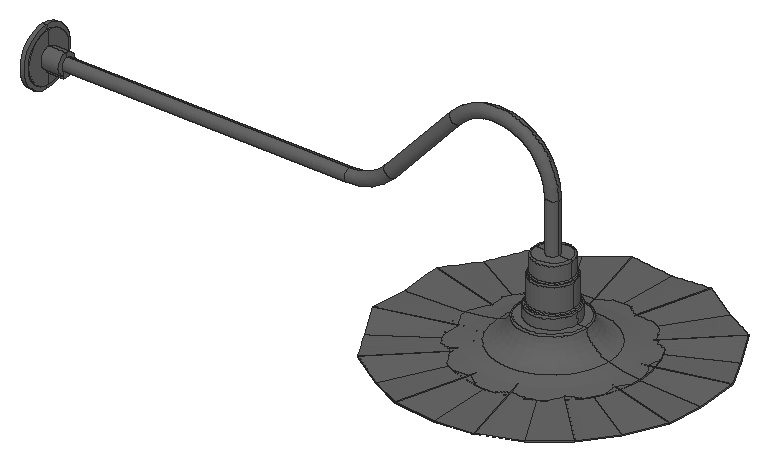
Revit family "Radial 8,12,16,18,20,24 MB", category Lighting Fixtures, Revit 2020 (continued)
Definition of nested family "R916_1"
  Definition of nested family "R916"
    Forms (in)
      SweptBlend 10, solid, material <- "BODY", visible <- "R916"
        path in 3D
          loop
            line (6.37375, 1.21586, 0.20086) -> (7.8455, 1.49661, 0.12929)
        profile origin (6.37375, 1.21586, 0.20086) x (0.029791, 0.09741, 0.994798) y (0.190842, -0.977486, 0.09)
          loop
            line (0.10433, -0.80638) -> (0.03112, 0.00282) -> (-0.04209, 0.81201) -> (-0.10433, 0.80638) -> (-0.03112, -0.00282) -> (0.04209, -0.81201) -> (0.10433, -0.80638)
        end profile origin (7.8455, 1.49661, 0.12929) x (0.029791, 0.09741, 0.994798) y (0.190842, -0.977486, 0.09)
          loop
            line (0.16238, 1.06291) -> (0.03416, 1.05131) -> (-0.12822, -0.0116) -> (0.22228, -1.02811) -> (0.3505, -1.01651) -> (0, 0) -> (0.16238, 1.06291)
      SweptBlend 11, solid, material <- "BODY", visible <- "R916"
        path in 3D
          loop
            line (5.87113, 2.76275, 0.20086) -> (7.22683, 3.40069, 0.12929)
        profile origin (5.87113, 2.76275, 0.20086) x (0.016877, 0.075975, 0.996967) y (0.427629, -0.901861, 0.061488)
          loop
            line (0.08121, -0.80904) -> (0.03119, 0.00192) -> (-0.01883, 0.81288) -> (-0.08121, 0.80904) -> (-0.03119, -0.00192) -> (0.01883, -0.81288) -> (0.08121, -0.80904)
        end profile origin (7.22683, 3.40069, 0.12929) x (0.016877, 0.075975, 0.996967) y (0.427629, -0.901861, 0.061488)
          loop
            line (0.19274, 1.05783) -> (0.06423, 1.0499) -> (-0.1285, -0.00793) -> (0.19276, -1.03405) -> (0.32126, -1.02613) -> (0, 0) -> (0.19274, 1.05783)
      SweptBlend 12, solid, material <- "BODY", visible <- "R916"
        path in 3D
          loop
            line (4.99961, 4.13604, 0.20086) -> (6.15407, 5.09109, 0.12929)
        profile origin (4.99961, 4.13604, 0.20086) x (0.008159, 0.06491, 0.997858) y (0.638431, -0.768376, 0.044762)
          loop
            line (0.06763, -0.81028) -> (0.03122, 0.0014) -> (-0.00519, 0.81308) -> (-0.06763, 0.81028) -> (-0.03122, -0.0014) -> (0.00519, -0.81308) -> (0.06763, -0.81028)
        end profile origin (6.15407, 5.09109, 0.12929) x (0.008159, 0.06491, 0.997858) y (0.638431, -0.768376, 0.044762)
          loop
            line (0.21045, 1.05445) -> (0.08183, 1.04868) -> (-0.12862, -0.00577) -> (0.1754, -1.03714) -> (0.30401, -1.03137) -> (0, 0) -> (0.21045, 1.05445)
      SweptBlend 13, solid, material <- "BODY", visible <- "R916"
        path in 3D
          loop
            line (3.81395, 5.24945, 0.20086) -> (4.69462, 6.46159, 0.12929)
        profile origin (3.81395, 5.24945, 0.20086) x (0.002575, 0.057072, 0.998367) y (0.809499, -0.58628, 0.031427)
          loop
            line (0.0568, -0.81111) -> (0.03123, 0.00098) -> (0.00567, 0.81308) -> (-0.0568, 0.81111) -> (-0.03123, -0.00098) -> (-0.00567, -0.81308) -> (0.0568, -0.81111)
        end profile origin (4.69462, 6.46159, 0.12929) x (0.002575, 0.057072, 0.998367) y (0.809499, -0.58628, 0.031427)
          loop
            line (0.22452, 1.05154) -> (0.09583, 1.04749) -> (-0.12868, -0.00405) -> (0.16152, -1.03939) -> (0.29021, -1.03534) -> (0, 0) -> (0.22452, 1.05154)
      SweptBlend 14, solid, material <- "BODY", visible <- "R916"
        path in 3D
          loop
            line (2.38864, 6.03302, 0.20086) -> (2.9402, 7.4261, 0.12929)
        profile origin (2.38864, 6.03302, 0.20086) x (0.001271, 0.050802, 0.998708) y (0.929941, -0.367291, 0.0175)
          loop
            line (0.04548, -0.81183) -> (0.03125, 0.00055) -> (0.01701, 0.81292) -> (-0.04548, 0.81183) -> (-0.03125, -0.00055) -> (-0.01701, -0.81292) -> (0.04548, -0.81183)
        end profile origin (2.9402, 7.4261, 0.12929) x (0.001271, 0.050802, 0.998708) y (0.929941, -0.367291, 0.0175)
          loop
            line (0.23916, 1.04831) -> (0.11043, 1.04605) -> (-0.12873, -0.00226) -> (0.14701, -1.04154) -> (0.27574, -1.03928) -> (0, 0) -> (0.23916, 1.04831)
      SweptBlend 15, solid, material <- "BODY", visible <- "R916"
        path in 3D
          loop
            line (0.81325, 6.43751, 0.20086) -> (1.00103, 7.92399, 0.12929)
        profile origin (0.81325, 6.43751, 0.20086) x (0.007316, 0.047165, 0.99886) y (0.992106, -0.125397, -0.001346)
          loop
            line (0.03016, -0.81254) -> (0.03125, -0.00004) -> (0.03234, 0.81246) -> (-0.03016, 0.81254) -> (-0.03125, 0.00004) -> (-0.03234, -0.81246) -> (0.03016, -0.81254)
        end profile origin (1.00103, 7.92399, 0.12929) x (0.007316, 0.047165, 0.99886) y (0.992106, -0.125397, -0.001346)
          loop
            line (0.25889, 1.04361) -> (0.13015, 1.04378) -> (-0.12875, 0.00017) -> (0.12734, -1.04413) -> (0.25608, -1.0443) -> (0, 0) -> (0.25889, 1.04361)
      SweptBlend 16, solid, material <- "BODY", visible <- "R916"
        path in 3D
          loop
            line (-0.81325, 6.43751, 0.20086) -> (-1.00103, 7.92399, 0.12929)
        profile origin (-0.81325, 6.43751, 0.20086) x (0.028958, 0.051717, 0.998242) y (0.99171, 0.123589, -0.035171)
          loop
            line (0.00262, -0.8131) -> (0.03123, -0.0011) -> (0.05984, 0.8109) -> (-0.00262, 0.8131) -> (-0.03123, 0.0011) -> (-0.05984, -0.8109) -> (0.00262, -0.8131)
        end profile origin (-1.00103, 7.92399, 0.12929) x (0.028958, 0.051717, 0.998242) y (0.99171, 0.123589, -0.035171)
          loop
            line (0.29409, 1.03424) -> (0.16542, 1.03878) -> (-0.12867, 0.00453) -> (0.0919, -1.04784) -> (0.22057, -1.05237) -> (0, 0) -> (0.29409, 1.03424)
      SweptBlend 17, solid, material <- "BODY", visible <- "R916"
        path in 3D
          loop
            line (-2.38864, 6.03302, 0.20086) -> (-2.9402, 7.4261, 0.12929)
        profile origin (-2.38864, 6.03302, 0.20086) x (0.103909, 0.092015, 0.990321) y (0.924119, 0.359189, -0.130337)
          loop
            line (-0.07504, -0.80963) -> (0.03098, -0.00408) -> (0.137, 0.80148) -> (0.07504, 0.80963) -> (-0.03098, 0.00408) -> (-0.137, -0.80148) -> (-0.07504, -0.80963)
        end profile origin (-2.9402, 7.4261, 0.12929) x (0.103909, 0.092015, 0.990321) y (0.924119, 0.359189, -0.130337)
          loop
            line (0.39151, 1.00143) -> (0.26386, 1.01823) -> (-0.12765, 0.0168) -> (-0.00858, -1.05183) -> (0.11907, -1.06863) -> (0, 0) -> (0.39151, 1.00143)
      SweptBlend 18, solid, material <- "BODY", visible <- "R916"
        path in 3D
          loop
            line (-3.81395, 5.24945, 0.20086) -> (-4.69462, 6.46159, 0.12929)
        profile origin (-3.81395, 5.24945, 0.20086) x (0.80711, 0.588891, 0.042196) y (0.062194, -0.013733, -0.99797)
          loop
            line (-0.81045, -0.06555) -> (0.00132, -0.03122) -> (0.81309, 0.0031) -> (0.81045, 0.06555) -> (-0.00132, 0.03122) -> (-0.81309, -0.0031) -> (-0.81045, -0.06555)
        end profile origin (-4.69462, 6.46159, 0.12929) x (0.80711, 0.588891, 0.042196) y (0.062194, -0.013733, -0.99797)
          loop
            line (1.0539, -0.21316) -> (1.04846, -0.08453) -> (-0.00544, 0.12863) -> (-1.03759, -0.17273) -> (-1.03215, -0.30136) -> (0, 0) -> (1.0539, -0.21316)
      SweptBlend 19, solid, material <- "BODY", visible <- "R916"
        path in 3D
          loop
            line (-4.99961, 4.13604, 0.20086) -> (-6.15407, 5.09109, 0.12929)
        profile origin (-4.99961, 4.13604, 0.20086) x (0.189074, 0.155903, -0.969508) y (-0.609846, -0.755189, -0.240371)
          loop
            line (-0.22586, 0.7811) -> (-0.03033, -0.00752) -> (0.16519, -0.79614) -> (0.22586, -0.7811) -> (0.03033, 0.00752) -> (-0.16519, 0.79614) -> (-0.22586, 0.7811)
        end profile origin (-6.15407, 5.09109, 0.12929) x (0.189074, 0.155903, -0.969508) y (-0.609846, -0.755189, -0.240371)
          loop
            line (0.0013, -1.07524) -> (0.12626, -1.04426) -> (0.12496, 0.03098) -> (-0.37618, 0.9823) -> (-0.50114, 0.95131) -> (0, 0) -> (0.0013, -1.07524)
      SweptBlend 20, solid, material <- "BODY", visible <- "R916"
        path in 3D
          loop
            line (-5.87113, 2.76275, 0.20086) -> (-7.22683, 3.40069, 0.12929)
        profile origin (-5.87113, 2.76275, 0.20086) x (0.105313, 0.112967, -0.988002) y (-0.414802, -0.897977, -0.146888)
          loop
            line (-0.15039, 0.79907) -> (-0.03091, -0.0046) -> (0.08857, -0.80826) -> (0.15039, -0.79907) -> (0.03091, 0.0046) -> (-0.08857, 0.80826) -> (-0.15039, 0.79907)
        end profile origin (-7.22683, 3.40069, 0.12929) x (0.105313, 0.112967, -0.988002) y (-0.414802, -0.897977, -0.146888)
          loop
            line (-0.10117, -1.07047) -> (0.02618, -1.05154) -> (0.12735, 0.01893) -> (-0.28086, 1.01367) -> (-0.40821, 0.99474) -> (0, 0) -> (-0.10117, -1.07047)
      SweptBlend 21, solid, material <- "BODY", visible <- "R916"
        path in 3D
          loop
            line (-6.37375, 1.21586, 0.20086) -> (-7.8455, 1.49661, 0.12929)
        profile origin (-6.37375, 1.21586, 0.20086) x (0.067657, 0.101677, -0.992514) y (-0.180916, -0.977052, -0.112425)
          loop
            line (-0.1225, 0.80382) -> (-0.03105, -0.00352) -> (0.0604, -0.81085) -> (0.1225, -0.80382) -> (0.03105, 0.00352) -> (-0.0604, 0.81085) -> (-0.1225, 0.80382)
        end profile origin (-7.8455, 1.49661, 0.12929) x (0.067657, 0.101677, -0.992514) y (-0.180916, -0.977052, -0.112425)
          loop
            line (-0.13835, -1.0663) -> (-0.01042, -1.05181) -> (0.12793, 0.01449) -> (-0.24543, 1.02283) -> (-0.37335, 1.00834) -> (0, 0) -> (-0.13835, -1.0663)
      SweptBlend 22, solid, material <- "BODY", visible <- "R916"
        path in 3D
          loop
            line (-6.47587, -0.40743, 0.20086) -> (-7.97121, -0.50151, 0.12929)
        profile origin (-6.47587, -0.40743, 0.20086) x (0.040017, 0.118653, -0.992129) y (0.067886, -0.990953, -0.115774)
          loop
            line (-0.12521, 0.8034) -> (-0.03104, -0.00362) -> (0.06313, -0.81065) -> (0.12521, -0.8034) -> (0.03104, 0.00362) -> (-0.06313, 0.81065) -> (-0.12521, 0.8034)
        end profile origin (-7.97121, -0.50151, 0.12929) x (0.040017, 0.118653, -0.992129) y (0.067886, -0.990953, -0.115774)
          loop
            line (-0.13475, -1.06676) -> (-0.00687, -1.05184) -> (0.12788, 0.01492) -> (-0.24888, 1.022) -> (-0.37675, 1.00707) -> (0, 0) -> (-0.13475, -1.06676)
      SweptBlend 23, solid, material <- "BODY", visible <- "R916"
        path in 3D
          loop
            line (-6.1711, -2.00511, 0.20086) -> (-7.59606, -2.46811, 0.12929)
        profile origin (-6.1711, -2.00511, 0.20086) x (0.022096, 0.085952, -0.996054) y (0.311548, -0.947279, -0.074832)
          loop
            line (-0.09203, 0.80788) -> (-0.03116, -0.00234) -> (0.02971, -0.81256) -> (0.09203, -0.80788) -> (0.03116, 0.00234) -> (-0.02971, 0.81256) -> (-0.09203, 0.80788)
        end profile origin (-7.59606, -2.46811, 0.12929) x (0.022096, 0.085952, -0.996054) y (0.311548, -0.947279, -0.074832)
          loop
            line (-0.17855, -1.06031) -> (-0.05017, -1.05067) -> (0.12838, 0.00965) -> (-0.20659, 1.03138) -> (-0.33498, 1.02173) -> (0, 0) -> (-0.17855, -1.06031)
      SweptBlend 24, solid, material <- "BODY", visible <- "R916"
        path in 3D
          loop
            line (-5.47857, -3.47681, 0.20086) -> (-6.74362, -4.27963, 0.12929)
        profile origin (-5.47857, -3.47681, 0.20086) x (0.011754, 0.070391, -0.99745) y (0.53721, -0.841777, -0.053075)
          loop
            line (-0.07438, 0.80969) -> (-0.03121, -0.00166) -> (0.01197, -0.81301) -> (0.07438, -0.80969) -> (0.03121, 0.00166) -> (-0.01197, 0.81301) -> (-0.07438, 0.80969)
        end profile origin (-6.74362, -4.27963, 0.12929) x (0.011754, 0.070391, -0.99745) y (0.53721, -0.841777, -0.053075)
          loop
            line (-0.20165, -1.05616) -> (-0.07309, -1.04932) -> (0.12856, 0.00684) -> (-0.18403, 1.03564) -> (-0.3126, 1.0288) -> (0, 0) -> (-0.20165, -1.05616)
      SweptBlend 25, solid, material <- "BODY", visible <- "R916"
        path in 3D
          loop
            line (-4.44181, -4.73004, 0.20086) -> (-5.46746, -5.82225, 0.12929)
        profile origin (-4.44181, -4.73004, 0.20086) x (0.003867, 0.061766, -0.998083) y (0.72969, -0.682641, -0.039418)
          loop
            line (-0.06329, 0.81063) -> (-0.03123, -0.00123) -> (0.00084, -0.8131) -> (0.06329, -0.81063) -> (0.03123, 0.00123) -> (-0.00084, 0.8131) -> (-0.06329, 0.81063)
        end profile origin (-5.46746, -5.82225, 0.12929) x (0.003867, 0.061766, -0.998083) y (0.72969, -0.682641, -0.039418)
          loop
            line (-0.21609, -1.0533) -> (-0.08744, -1.04822) -> (0.12865, 0.00508) -> (-0.16984, 1.03806) -> (-0.29849, 1.03298) -> (0, 0) -> (-0.21609, -1.0533)
      SweptBlend 26, solid, material <- "BODY", visible <- "R916"
        path in 3D
          loop
            line (-3.12594, -5.68607, 0.20086) -> (-3.84775, -6.99904, 0.12929)
        profile origin (-3.12594, -5.68607, 0.20086) x (0, 0.054425, -0.998518) y (0.876608, -0.480492, -0.02619)
          loop
            line (-0.05254, 0.8114) -> (-0.03124, -0.00082) -> (-0.00994, -0.81304) -> (0.05254, -0.8114) -> (0.03124, 0.00082) -> (0.00994, 0.81304) -> (-0.05254, 0.8114)
        end profile origin (-3.84775, -6.99904, 0.12929) x (0, 0.054425, -0.998518) y (0.876608, -0.480492, -0.02619)
          loop
            line (-0.23003, -1.05035) -> (-0.10133, -1.04697) -> (0.1287, 0.00338) -> (-0.15607, 1.04022) -> (-0.28477, 1.03685) -> (0, 0) -> (-0.23003, -1.05035)
    Lines and regions (in)
      sketch lines
        curve 1: line (0, -6.48868, 0.20086) -> (0, -7.98697, 0.12929)
        curve 2: line (-1.61367, -6.28482, 0.20086) -> (-1.98628, -7.73605, 0.12929)
        curve 3: line (1.61367, -6.28482, 0.20086) -> (1.98628, -7.73605, 0.12929)
        curve 4: line (3.12594, -5.68607, 0.20086) -> (3.84775, -6.99904, 0.12929)
        curve 5: line (4.44181, -4.73004, 0.20086) -> (5.46746, -5.82225, 0.12929)
        curve 6: line (5.47857, -3.47681, 0.20086) -> (6.74362, -4.27963, 0.12929)
        curve 7: line (6.1711, -2.00511, 0.20086) -> (7.59606, -2.46811, 0.12929)
        curve 8: line (6.47587, -0.40743, 0.20086) -> (7.97121, -0.50151, 0.12929)
        curve 9: line (6.37375, 1.21586, 0.20086) -> (7.8455, 1.49661, 0.12929)
        curve 10: line (5.87113, 2.76275, 0.20086) -> (7.22683, 3.40069, 0.12929)
        curve 11: line (4.99961, 4.13604, 0.20086) -> (6.15407, 5.09109, 0.12929)
        curve 12: line (3.81395, 5.24945, 0.20086) -> (4.69462, 6.46159, 0.12929)
        curve 13: line (2.38864, 6.03302, 0.20086) -> (2.9402, 7.4261, 0.12929)
        curve 14: line (0.81325, 6.43751, 0.20086) -> (1.00103, 7.92399, 0.12929)
        curve 15: line (-0.81325, 6.43751, 0.20086) -> (-1.00103, 7.92399, 0.12929)
        curve 16: line (-2.38864, 6.03302, 0.20086) -> (-2.9402, 7.4261, 0.12929)
        curve 17: line (-3.81395, 5.24945, 0.20086) -> (-4.69462, 6.46159, 0.12929)
        curve 18: line (-4.99961, 4.13604, 0.20086) -> (-6.15407, 5.09109, 0.12929)
        curve 19: line (-5.87113, 2.76275, 0.20086) -> (-7.22683, 3.40069, 0.12929)
        curve 20: line (-6.37375, 1.21586, 0.20086) -> (-7.8455, 1.49661, 0.12929)
        curve 21: line (-6.47587, -0.40743, 0.20086) -> (-7.97121, -0.50151, 0.12929)
        curve 22: line (-6.1711, -2.00511, 0.20086) -> (-7.59606, -2.46811, 0.12929)
        curve 23: line (-5.47857, -3.47681, 0.20086) -> (-6.74362, -4.27963, 0.12929)
        curve 24: line (-4.44181, -4.73004, 0.20086) -> (-5.46746, -5.82225, 0.12929)
        curve 25: line (-3.12594, -5.68607, 0.20086) -> (-3.84775, -6.99904, 0.12929)
    Dimensions and locks (in)
      plane 5 to plane 3 "Center (Left/Right)" = 0' - 8"
      plane 4 to plane 2 = 0' - 6 3/4"
      plane 7 to plane 1 "Center (Front/Back)" = 0' - 8"
      plane 6 to plane 5 = 1' - 4"
      aligned and locked: plane 2 to level
Definition of nested family "R918_1"
  Parameters (values of type "R918_1")
    R918 [instance] = yes
    Light Elevation [instance] = 2' - 0"
    Default Elevation = 0' - 0"
    Body [instance] = none
  Reference planes (in)
    plane 1 "Center (Front/Back)": y = 0
    plane 2: z = 0
    plane 3 "Center (Left/Right)": x = 0
    plane 4: z = 24
  Dimensions and locks (in)
    "Light Elevation": plane 4 to plane 2
    aligned and locked: plane 2 to level
    aligned and locked: plane 3 "Center (Left/Right)" to nested 1
    aligned and locked: plane 1 "Center (Front/Back)" to nested 1
    aligned and locked: plane 4 to nested 1
  Nested families (in)
    nested 1: "R918" at (0, 0, 17.125), Body <- "Body", visible <- "R918", R918 <- "R918", type "R918"
      with R918 yes, Body none
  Definition of nested family "R918"
    Parameters (values of type "R918")
      R918 [instance] = yes
      Default Elevation = 0' - 0"
      Body [instance] = none
    Reference planes (in)
      plane 1 "Center (Front/Back)": y = 0
      plane 2: z = 0
      plane 3 "Center (Left/Right)": x = 0
      plane 4: z = 6.875
      plane 5: x = 9
      plane 6: x = -9
      plane 7: y = 9
      plane 8: y = -9
    Forms (in)
      Revolve 1, solid, material <- "Body", visible <- "R918"
        sketch origin (-45.14533, 0, -7.875) x (1, 0, 0) y (0, 0, 1)
          loop
            line (45.14533, 10.65258) -> (42.89533, 10.65258)
            arc (42.89533, 10.65258) -> (40.64165, 8.94782) -> (37.89752, 8.27324) r 6.99871
            line (37.89752, 8.27324) -> (37.89752, 8.17949)
            arc (37.89752, 8.17949) -> (40.67892, 8.86757) -> (42.96859, 10.59008) r 7.1677
            line (42.96859, 10.59008) -> (45.14533, 10.59008) -> (45.14533, 10.65258)
          axis (45.14533, 10.65258) -> (45.14533, 8.17949)
        angle from 0 to 360
      SweptBlend 2, solid, material <- "Body", visible <- "R918"
        path in 3D
          loop
            line (0.02225, -5.64792, 0.40543) -> (0.02225, -9.00352, 0.34686)
        profile origin (0.02225, -5.64792, 0.40543) x (0.002085, 0.017452, -0.999846) y (0.999998, -0.000036, 0.002085)
          loop
            line (0.00003, 0) -> (-0.00257, -1.25) -> (0.05993, -1.25013) -> (0.06253, -0.00013) -> (0.06514, 1.24987) -> (0.00264, 1.25) -> (0.00003, 0)
        end profile origin (0.02225, -9.00352, 0.34686) x (0.002085, 0.017452, -0.999846) y (0.999998, -0.000036, 0.002085)
          loop
            line (0.00437, 2.07812) -> (0.1641, -0.00034) -> (-0.0043, -2.07812) -> (0.1832, -2.07851) -> (0.3516, -0.00073) -> (0.19187, 2.07773) -> (0.00437, 2.07812)
      SweptBlend 3, solid, material <- "Body", visible <- "R918"
        path in 3D
          loop
            line (-2.43049, -5.09825, 0.40543) -> (-3.88643, -8.12155, 0.34686)
        profile origin (-2.43049, -5.09825, 0.40543) x (-0.358874, 0.154992, 0.920428) y (-0.826445, 0.405561, -0.390523)
          loop
            line (-0.00003, 0.00001) -> (0.4882, 1.15072) -> (0.43066, 1.17513) -> (-0.05757, 0.02442) -> (-0.5458, -1.12628) -> (-0.48826, -1.1507) -> (-0.00003, 0.00001)
        end profile origin (-3.88643, -8.12155, 0.34686) x (-0.358874, 0.154992, 0.920428) y (-0.826445, 0.405561, -0.390523)
          loop
            line (-0.81171, -1.91304) -> (-0.15106, 0.06409) -> (0.81165, 1.91307) -> (0.63904, 1.9863) -> (-0.32367, 0.13733) -> (-0.98432, -1.83981) -> (-0.81171, -1.91304)
      SweptBlend 4, solid, material <- "Body", visible <- "R918"
        path in 3D
          loop
            line (2.47059, -5.07894, 0.40543) -> (3.92653, -8.10224, 0.34686)
        profile origin (2.47059, -5.07894, 0.40543) x (0.413497, 0.181845, 0.892162) y (-0.800514, -0.394252, 0.451379)
          loop
            line (-0.00003, -0.00002) -> (-0.56434, 1.11536) -> (-0.62011, 1.08714) -> (-0.0558, -0.02823) -> (0.50851, -1.1436) -> (0.56428, -1.11539) -> (-0.00003, -0.00002)
        end profile origin (3.92653, -8.10224, 0.34686) x (0.413497, 0.181845, 0.892162) y (-0.800514, -0.394252, 0.451379)
          loop
            line (0.93813, -1.85432) -> (-0.14642, -0.07408) -> (-0.9382, 1.85429) -> (-1.1055, 1.76964) -> (-0.31373, -0.15873) -> (0.77083, -1.93897) -> (0.93813, -1.85432)
      SweptBlend 5, solid, material <- "Body", visible <- "R918"
        path in 3D
          loop
            line (4.4296, -3.50402, 0.40543) -> (7.05311, -5.5962, 0.34686)
        profile origin (4.4296, -3.50402, 0.40543) x (0.021307, 0.054665, -0.998277) y (0.623275, 0.779994, 0.056015)
          loop
            line (0.00003, 0) -> (-0.06999, -1.24804) -> (-0.00759, -1.25154) -> (0.06244, -0.0035) -> (0.13247, 1.24453) -> (0.07006, 1.24803) -> (0.00003, 0)
        end profile origin (7.05311, -5.5962, 0.34686) x (0.021307, 0.054665, -0.998277) y (0.623275, 0.779994, 0.056015)
          loop
            line (0.11646, 2.07486) -> (0.16384, -0.00919) -> (-0.11639, -2.07486) -> (0.07082, -2.08537) -> (0.35104, -0.0197) -> (0.30366, 2.06435) -> (0.11646, 2.07486)
      SweptBlend 6, solid, material <- "Body", visible <- "R918"
        path in 3D
          loop
            line (5.51127, -1.23509, 0.40543) -> (8.78273, -1.98178, 0.34686)
        profile origin (5.51127, -1.23509, 0.40543) x (0.033619, 0.069082, 0.997044) y (-0.220624, -0.972485, 0.074819)
          loop
            line (-0.00003, 0) -> (-0.09357, 1.24649) -> (-0.1559, 1.24182) -> (-0.06236, -0.00468) -> (0.03118, -1.25117) -> (0.0935, -1.2465) -> (-0.00003, 0)
        end profile origin (8.78273, -1.98178, 0.34686) x (0.033619, 0.069082, 0.997044) y (-0.220624, -0.972485, 0.074819)
          loop
            line (0.15547, -2.0723) -> (-0.16364, -0.01228) -> (-0.15554, 2.0723) -> (-0.34252, 2.05827) -> (-0.35061, -0.02631) -> (-0.0315, -2.08633) -> (0.15547, -2.0723)
      SweptBlend 7, solid, material <- "Body", visible <- "R918"
        path in 3D
          loop
            line (5.50136, 1.27848, 0.40543) -> (8.77283, 2.02517, 0.34686)
        profile origin (5.50136, 1.27848, 0.40543) x (0.010112, 0.034087, 0.999368) y (0.222941, -0.97434, 0.030978)
          loop
            line (-0.00003, 0) -> (-0.03876, 1.2494) -> (-0.10123, 1.24746) -> (-0.0625, -0.00194) -> (-0.02378, -1.25134) -> (0.03869, -1.2494) -> (-0.00003, 0)
        end profile origin (8.77283, 2.02517, 0.34686) x (0.010112, 0.034087, 0.999368) y (0.222941, -0.97434, 0.030978)
          loop
            line (0.06435, -2.07713) -> (-0.16402, -0.00508) -> (-0.06442, 2.07713) -> (-0.25183, 2.07132) -> (-0.35143, -0.01089) -> (-0.12306, -2.08294) -> (0.06435, -2.07713)
      SweptBlend 8, solid, material <- "Body", visible <- "R918"
        path in 3D
          loop
            line (4.40185, 3.53882, 0.40543) -> (7.02536, 5.631, 0.34686)
        profile origin (4.40185, 3.53882, 0.40543) x (0.001012, 0.026716, 0.999643) y (0.623638, -0.781451, 0.020254)
          loop
            line (-0.00003, 0) -> (-0.02536, 1.24974) -> (-0.08784, 1.24848) -> (-0.06252, -0.00127) -> (-0.0372, -1.25101) -> (0.02529, -1.24974) -> (-0.00003, 0)
        end profile origin (7.02536, 5.631, 0.34686) x (0.001012, 0.026716, 0.999643) y (0.623638, -0.781451, 0.020254)
          loop
            line (0.04206, -2.0777) -> (-0.16406, -0.00332) -> (-0.04213, 2.0777) -> (-0.22959, 2.0739) -> (-0.35153, -0.00712) -> (-0.1454, -2.0815) -> (0.04206, -2.0777)
      SweptBlend 9, solid, material <- "Body", visible <- "R918"
        path in 3D
          loop
            line (2.43049, 5.09825, 0.40543) -> (3.88643, 8.12155, 0.34686)
        profile origin (2.43049, 5.09825, 0.40543) x (-0.000191, 0.019462, 0.999811) y (0.901001, -0.433732, 0.008616)
          loop
            line (-0.00003, 0) -> (-0.01081, 1.24995) -> (-0.0733, 1.24941) -> (-0.06253, -0.00054) -> (-0.05176, -1.25049) -> (0.01074, -1.24995) -> (-0.00003, 0)
        end profile origin (3.88643, 8.12155, 0.34686) x (-0.000191, 0.019462, 0.999811) y (0.901001, -0.433732, 0.008616)
          loop
            line (0.01787, -2.07805) -> (-0.16409, -0.00141) -> (-0.01794, 2.07805) -> (-0.20543, 2.07643) -> (-0.35158, -0.00303) -> (-0.16962, -2.07966) -> (0.01787, -2.07805)
      SweptBlend 10, solid, material <- "Body", visible <- "R918"
        path in 3D
          loop
            line (-0.02225, 5.64792, 0.40543) -> (-0.02225, 9.00352, 0.34686)
        profile origin (-0.02225, 5.64792, 0.40543) x (0.04465, 0.017435, 0.998851) y (0.999003, -0.000779, -0.044643)
          loop
            line (-0.00003, 0) -> (0.05578, 1.24875) -> (-0.00666, 1.25155) -> (-0.06247, 0.00279) -> (-0.11829, -1.24596) -> (-0.05585, -1.24875) -> (-0.00003, 0)
        end profile origin (-0.02225, 9.00352, 0.34686) x (0.04465, 0.017435, 0.998851) y (0.999003, -0.000779, -0.044643)
          loop
            line (-0.09282, -2.07605) -> (-0.16393, 0.00733) -> (0.09275, 2.07605) -> (-0.09456, 2.08443) -> (-0.35125, 0.0157) -> (-0.28014, -2.06768) -> (-0.09282, -2.07605)
      SweptBlend 11, solid, material <- "Body", visible <- "R918"
        path in 3D
          loop
            line (-2.47059, 5.07894, 0.40543) -> (-3.92653, 8.10224, 0.34686)
        profile origin (-2.47059, 5.07894, 0.40543) x (0.115316, 0.036301, -0.992665) y (-0.893591, -0.432648, -0.119628)
          loop
            line (0.00003, 0) -> (0.14959, -1.24102) -> (0.21164, -1.23354) -> (0.06209, 0.00748) -> (-0.08747, 1.2485) -> (-0.14952, 1.24102) -> (0.00003, 0)
        end profile origin (-3.92653, 8.10224, 0.34686) x (0.115316, 0.036301, -0.992665) y (-0.893591, -0.432648, -0.119628)
          loop
            line (-0.24861, 2.0632) -> (0.16292, 0.01963) -> (0.24867, -2.06319) -> (0.43483, -2.04076) -> (0.34907, 0.04207) -> (-0.06245, 2.08563) -> (-0.24861, 2.0632)
      SweptBlend 12, solid, material <- "Body", visible <- "R918"
        path in 3D
          loop
            line (-4.4296, 3.50402, 0.40543) -> (-7.05311, 5.5962, 0.34686)
        profile origin (-4.4296, 3.50402, 0.40543) x (0.623341, 0.781898, 0.009028) y (0.019274, -0.003821, -0.999807)
          loop
            line (0, 0.00003) -> (1.24995, 0.01132) -> (1.24938, 0.07382) -> (-0.00056, 0.06253) -> (-1.25051, 0.05124) -> (-1.24995, -0.01125) -> (0, 0.00003)
        end profile origin (-7.05311, 5.5962, 0.34686) x (0.623341, 0.781898, 0.009028) y (0.019274, -0.003821, -0.999807)
          loop
            line (-2.07804, -0.01873) -> (-0.00148, 0.16409) -> (2.07804, 0.0188) -> (2.07635, 0.20629) -> (-0.00317, 0.35158) -> (-2.07973, 0.16876) -> (-2.07804, -0.01873)
      SweptBlend 13, solid, material <- "Body", visible <- "R918"
        path in 3D
          loop
            line (-5.51127, 1.23509, 0.40543) -> (-8.78273, 1.98178, 0.34686)
        profile origin (-5.51127, 1.23509, 0.40543) x (0.028494, 0.046514, -0.998511) y (-0.221344, -0.973825, -0.051681)
          loop
            line (0.00003, 0) -> (0.06465, -1.24833) -> (0.12706, -1.2451) -> (0.06245, 0.00323) -> (-0.00216, 1.25156) -> (-0.06458, 1.24833) -> (0.00003, 0)
        end profile origin (-8.78273, 1.98178, 0.34686) x (0.028494, 0.046514, -0.998511) y (-0.221344, -0.973825, -0.051681)
          loop
            line (-0.10738, 2.07535) -> (0.16388, 0.00848) -> (0.10745, -2.07535) -> (0.2947, -2.06565) -> (0.35113, 0.01817) -> (0.07987, 2.08504) -> (-0.10738, 2.07535)
      SweptBlend 14, solid, material <- "Body", visible <- "R918"
        path in 3D
          loop
            line (-5.50136, -1.27848, 0.40543) -> (-8.77283, -2.02517, 0.34686)
        profile origin (-5.50136, -1.27848, 0.40543) x (0.002083, 0.06913, -0.997605) y (0.223161, -0.972482, -0.066923)
          loop
            line (0.00003, 0) -> (0.0837, -1.24719) -> (0.14606, -1.24301) -> (0.06239, 0.00419) -> (-0.02127, 1.25138) -> (-0.08363, 1.2472) -> (0.00003, 0)
        end profile origin (-8.77283, -2.02517, 0.34686) x (0.002083, 0.06913, -0.997605) y (0.223161, -0.972482, -0.066923)
          loop
            line (-0.13906, 2.07347) -> (0.16373, 0.01098) -> (0.13913, -2.07346) -> (0.32621, -2.06091) -> (0.35081, 0.02353) -> (0.04802, 2.08602) -> (-0.13906, 2.07347)
      SweptBlend 15, solid, material <- "Body", visible <- "R918"
        path in 3D
          loop
            line (-4.40185, -3.53882, 0.40543) -> (-7.02536, -5.631, 0.34686)
        profile origin (-4.40185, -3.53882, 0.40543) x (0.002085, 0.025372, -0.999676) y (0.623636, -0.781495, -0.018533)
          loop
            line (0.00003, 0) -> (0.0232, -1.24978) -> (0.08569, -1.24863) -> (0.06252, 0.00116) -> (0.03935, 1.25094) -> (-0.02314, 1.24979) -> (0.00003, 0)
        end profile origin (-7.02536, -5.631, 0.34686) x (0.002085, 0.025372, -0.999676) y (0.623636, -0.781495, -0.018533)
          loop
            line (-0.03849, 2.07777) -> (0.16407, 0.00304) -> (0.03856, -2.07777) -> (0.22602, -2.07429) -> (0.35154, 0.00652) -> (0.14898, 2.08124) -> (-0.03849, 2.07777)
      Revolve 16, solid, material <- "Body", visible <- "R918"
        sketch origin (0, 0, 0) x (1, 0, 0) y (0, 0, 1)
          loop
            line (-0.12915, 6.875) -> (-1.18211, 6.875) -> (-1.18211, 5.59021) -> (-1.48446, 5.41565) -> (-1.48446, 4.10774) -> (-1.82597, 3.91057) -> (-1.82597, 2.77758) -> (-1.73222, 2.77758) -> (-1.73222, 3.85645) -> (-1.39071, 4.05361) -> (-1.39071, 5.36152) -> (-1.08836, 5.53608) -> (-1.08836, 6.78125) -> (-0.12915, 6.78125) -> (-0.12915, 6.875)
          axis (0, 6.875) -> (0, 2.77758)
        angle from 0 to 360
    Lines and regions (in)
      sketch lines
        curve 1: line (0.02225, -5.64792, 0.40543) -> (0.02225, -9.00352, 0.34686)
        curve 2: line (-2.43049, -5.09825, 0.40543) -> (-3.88643, -8.12155, 0.34686)
        curve 3: line (2.47059, -5.07894, 0.40543) -> (3.92653, -8.10224, 0.34686)
        curve 4: line (4.4296, -3.50402, 0.40543) -> (7.05311, -5.5962, 0.34686)
        curve 5: line (5.51127, -1.23509, 0.40543) -> (8.78273, -1.98178, 0.34686)
        curve 6: line (5.50136, 1.27848, 0.40543) -> (8.77283, 2.02517, 0.34686)
        curve 7: line (4.40185, 3.53882, 0.40543) -> (7.02536, 5.631, 0.34686)
        curve 8: line (2.43049, 5.09825, 0.40543) -> (3.88643, 8.12155, 0.34686)
        curve 9: line (-0.02225, 5.64792, 0.40543) -> (-0.02225, 9.00352, 0.34686)
        curve 10: line (-2.47059, 5.07894, 0.40543) -> (-3.92653, 8.10224, 0.34686)
        curve 11: line (-4.4296, 3.50402, 0.40543) -> (-7.05311, 5.5962, 0.34686)
        curve 12: line (-5.51127, 1.23509, 0.40543) -> (-8.78273, 1.98178, 0.34686)
        curve 13: line (-5.50136, -1.27848, 0.40543) -> (-8.77283, -2.02517, 0.34686)
        curve 14: line (-4.40185, -3.53882, 0.40543) -> (-7.02536, -5.631, 0.34686)
    Dimensions and locks (in)
      plane 4 to plane 2 = 0' - 6 7/8"
      plane 5 to plane 3 "Center (Left/Right)" = 0' - 9"
      equal spacing: plane 6, plane 3 "Center (Left/Right)", plane 5  (x2)
      plane 6 to plane 5 = 1' - 6"
      plane 7 to plane 1 "Center (Front/Back)" = 0' - 9"
      equal spacing: plane 7, plane 1 "Center (Front/Back)", plane 8
      plane 7 to plane 8 = 1' - 6"
      aligned and locked: plane 2 to level
    Automatic sketch dimensions
      profile plane to SweptBlend 2 sketch curve = 0' - 0.0043"
      SweptBlend 2 sketch curve to profile plane = 0' - 0.00437"
      SweptBlend 2 sketch curve to profile plane = 0' - 0.00034"
      SweptBlend 2 sketch curve to profile plane = 0' - 0.1641"
      SweptBlend 2 sketch curve to profile plane = 0' - 0.1832"
      SweptBlend 2 sketch curve to SweptBlend 2 sketch curve = 0' - 0 3/16"  (x2)
      SweptBlend 2 sketch curve to profile plane = 0' - 0.00073"
      SweptBlend 2 sketch curve to profile plane = 0' - 2 5/64"
      SweptBlend 2 sketch curve to SweptBlend 2 sketch curve = 0' - 0.00039"  (x2)
      profile plane to SweptBlend 2 sketch curve = 0' - 2.07773"
      profile plane to SweptBlend 2 sketch curve = 0' - 0.00257"
      SweptBlend 2 sketch curve to profile plane = 0' - 0"
      SweptBlend 2 sketch curve to profile plane = 0' - 0.00003"
      SweptBlend 2 sketch curve to profile plane = 0' - 0.00264"
      SweptBlend 2 sketch curve to profile plane = 0' - 0.05993"
      SweptBlend 2 sketch curve to profile plane = 0' - 0.00013"
      SweptBlend 2 sketch curve to profile plane = 0' - 1 1/4"
      profile plane to SweptBlend 2 sketch curve = 0' - 1.24987"
      SweptBlend 3 sketch curve to profile plane = 0' - 0.81165"
      profile plane to SweptBlend 3 sketch curve = 0' - 0.81171"
      profile plane to SweptBlend 3 sketch curve = 0' - 0.06409"
      profile plane to SweptBlend 3 sketch curve = 0' - 0.15106"
      SweptBlend 3 sketch curve to profile plane = 0' - 0.63904"
      SweptBlend 3 sketch curve to SweptBlend 3 sketch curve = 0' - 0.17261"  (x2)
      profile plane to SweptBlend 3 sketch curve = 0' - 0.13733"
      profile plane to SweptBlend 3 sketch curve = 0' - 1.91307"
      SweptBlend 3 sketch curve to SweptBlend 3 sketch curve = 0' - 0.07323"  (x2)
      SweptBlend 3 sketch curve to profile plane = 0' - 1.83981"
      SweptBlend 3 sketch curve to profile plane = 0' - 0.4882"
      profile plane to SweptBlend 3 sketch curve = 0' - 0"
      profile plane to SweptBlend 3 sketch curve = 0' - 0.00003"
      profile plane to SweptBlend 3 sketch curve = 0' - 0.48826"
      SweptBlend 3 sketch curve to profile plane = 0' - 0.43066"
      profile plane to SweptBlend 3 sketch curve = 0' - 0.02442"
      profile plane to SweptBlend 3 sketch curve = 0' - 1.15072"
      SweptBlend 3 sketch curve to profile plane = 0' - 1.12628"
      profile plane to SweptBlend 4 sketch curve = 0' - 0.9382"
      SweptBlend 4 sketch curve to profile plane = 0' - 0.93813"
      SweptBlend 4 sketch curve to profile plane = 0' - 0.07408"
      profile plane to SweptBlend 4 sketch curve = 0' - 0.14642"
      profile plane to SweptBlend 4 sketch curve = 0' - 1.1055"
      SweptBlend 4 sketch curve to SweptBlend 4 sketch curve = 0' - 0.16731"  (x2)
      SweptBlend 4 sketch curve to profile plane = 0' - 0.15873"
      profile plane to SweptBlend 4 sketch curve = 0' - 1.85429"
      SweptBlend 4 sketch curve to SweptBlend 4 sketch curve = 0' - 0.08465"  (x2)
      SweptBlend 4 sketch curve to profile plane = 0' - 1.93897"
      profile plane to SweptBlend 4 sketch curve = 0' - 0.56434"
      SweptBlend 4 sketch curve to profile plane = 0' - 0"
      profile plane to SweptBlend 4 sketch curve = 0' - 0.00003"
      SweptBlend 4 sketch curve to profile plane = 0' - 0.56428"
      profile plane to SweptBlend 4 sketch curve = 0' - 0.62011"
      SweptBlend 4 sketch curve to profile plane = 0' - 0.02823"
      profile plane to SweptBlend 4 sketch curve = 0' - 1.11536"
      SweptBlend 4 sketch curve to profile plane = 0' - 1.1436"
      profile plane to SweptBlend 5 sketch curve = 0' - 0.11639"
      SweptBlend 5 sketch curve to profile plane = 0' - 0.11646"
      SweptBlend 5 sketch curve to profile plane = 0' - 0.00919"
      SweptBlend 5 sketch curve to profile plane = 0' - 0.16384"
      SweptBlend 5 sketch curve to profile plane = 0' - 0.07082"
      SweptBlend 5 sketch curve to SweptBlend 5 sketch curve = 0' - 0.18721"  (x2)
      SweptBlend 5 sketch curve to profile plane = 0' - 0.0197"
      SweptBlend 5 sketch curve to profile plane = 0' - 2.07486"
      SweptBlend 5 sketch curve to SweptBlend 5 sketch curve = 0' - 0.0105"  (x2)
      profile plane to SweptBlend 5 sketch curve = 0' - 2.06435"
      profile plane to SweptBlend 5 sketch curve = 0' - 0.06999"
      SweptBlend 5 sketch curve to profile plane = 0' - 0"
      SweptBlend 5 sketch curve to profile plane = 0' - 0.00003"
      SweptBlend 5 sketch curve to profile plane = 0' - 0.07006"
      profile plane to SweptBlend 5 sketch curve = 0' - 0.00759"
      SweptBlend 5 sketch curve to profile plane = 0' - 0.0035"
      SweptBlend 5 sketch curve to profile plane = 0' - 1.24804"
      profile plane to SweptBlend 5 sketch curve = 0' - 1.24453"
      profile plane to SweptBlend 6 sketch curve = 0' - 0.15554"
      SweptBlend 6 sketch curve to profile plane = 0' - 0.15547"
      SweptBlend 6 sketch curve to profile plane = 0' - 0.01228"
      profile plane to SweptBlend 6 sketch curve = 0' - 0.16364"
      profile plane to SweptBlend 6 sketch curve = 0' - 0.34252"
      SweptBlend 6 sketch curve to SweptBlend 6 sketch curve = 0' - 0.18697"  (x2)
      SweptBlend 6 sketch curve to profile plane = 0' - 0.02631"
      profile plane to SweptBlend 6 sketch curve = 0' - 2.0723"
      SweptBlend 6 sketch curve to SweptBlend 6 sketch curve = 0' - 0.01403"  (x2)
      SweptBlend 6 sketch curve to profile plane = 0' - 2.08633"
      profile plane to SweptBlend 6 sketch curve = 0' - 0.09357"
      SweptBlend 6 sketch curve to profile plane = 0' - 0"
      profile plane to SweptBlend 6 sketch curve = 0' - 0.00003"
      SweptBlend 6 sketch curve to profile plane = 0' - 0.0935"
      profile plane to SweptBlend 6 sketch curve = 0' - 0.1559"
      SweptBlend 6 sketch curve to profile plane = 0' - 0.00468"
      profile plane to SweptBlend 6 sketch curve = 0' - 1.24649"
      SweptBlend 6 sketch curve to profile plane = 0' - 1.25117"
      profile plane to SweptBlend 7 sketch curve = 0' - 0.06442"
      SweptBlend 7 sketch curve to profile plane = 0' - 0.06435"
      SweptBlend 7 sketch curve to profile plane = 0' - 0.00508"
      profile plane to SweptBlend 7 sketch curve = 0' - 0.16402"
      profile plane to SweptBlend 7 sketch curve = 0' - 0.25183"
      SweptBlend 7 sketch curve to SweptBlend 7 sketch curve = 0' - 0.18741"  (x2)
      SweptBlend 7 sketch curve to profile plane = 0' - 0.01089"
      profile plane to SweptBlend 7 sketch curve = 0' - 2.07713"
      SweptBlend 7 sketch curve to SweptBlend 7 sketch curve = 0' - 0.00581"  (x2)
      SweptBlend 7 sketch curve to profile plane = 0' - 2.08294"
      profile plane to SweptBlend 7 sketch curve = 0' - 0.03876"
      SweptBlend 7 sketch curve to profile plane = 0' - 0"
      profile plane to SweptBlend 7 sketch curve = 0' - 0.00003"
      SweptBlend 7 sketch curve to profile plane = 0' - 0.03869"
      profile plane to SweptBlend 7 sketch curve = 0' - 0.10123"
      SweptBlend 7 sketch curve to profile plane = 0' - 0.00194"
      profile plane to SweptBlend 7 sketch curve = 0' - 1.2494"
      SweptBlend 7 sketch curve to profile plane = 0' - 1.25134"
      profile plane to SweptBlend 8 sketch curve = 0' - 0.04213"
      SweptBlend 8 sketch curve to profile plane = 0' - 0.04206"
      SweptBlend 8 sketch curve to profile plane = 0' - 0.00332"
      profile plane to SweptBlend 8 sketch curve = 0' - 0 21/128"
      profile plane to SweptBlend 8 sketch curve = 0' - 0.22959"
      SweptBlend 8 sketch curve to SweptBlend 8 sketch curve = 0' - 0.18746"  (x2)
      SweptBlend 8 sketch curve to profile plane = 0' - 0.00712"
      profile plane to SweptBlend 8 sketch curve = 0' - 2.0777"
      SweptBlend 8 sketch curve to SweptBlend 8 sketch curve = 0' - 0.0038"  (x2)
      SweptBlend 8 sketch curve to profile plane = 0' - 2.0815"
      profile plane to SweptBlend 8 sketch curve = 0' - 0.02536"
      SweptBlend 8 sketch curve to profile plane = 0' - 0"
      profile plane to SweptBlend 8 sketch curve = 0' - 0.00003"
      SweptBlend 8 sketch curve to profile plane = 0' - 0.02529"
      profile plane to SweptBlend 8 sketch curve = 0' - 0.08784"
      SweptBlend 8 sketch curve to profile plane = 0' - 0.00127"
      profile plane to SweptBlend 8 sketch curve = 0' - 1.24974"
      SweptBlend 8 sketch curve to profile plane = 0' - 1.25101"
      profile plane to SweptBlend 9 sketch curve = 0' - 0.01794"
      SweptBlend 9 sketch curve to profile plane = 0' - 0.01787"
      SweptBlend 9 sketch curve to profile plane = 0' - 0.00141"
      profile plane to SweptBlend 9 sketch curve = 0' - 0.16409"
      profile plane to SweptBlend 9 sketch curve = 0' - 0.20543"
      SweptBlend 9 sketch curve to SweptBlend 9 sketch curve = 0' - 0 3/16"  (x2)
      SweptBlend 9 sketch curve to profile plane = 0' - 0.00303"
      profile plane to SweptBlend 9 sketch curve = 0' - 2.07805"
      SweptBlend 9 sketch curve to SweptBlend 9 sketch curve = 0' - 0.00162"  (x2)
      SweptBlend 9 sketch curve to profile plane = 0' - 2.07966"
      profile plane to SweptBlend 9 sketch curve = 0' - 0.01081"
      SweptBlend 9 sketch curve to profile plane = 0' - 0"
      profile plane to SweptBlend 9 sketch curve = 0' - 0.00003"
      SweptBlend 9 sketch curve to profile plane = 0' - 0.01074"
      profile plane to SweptBlend 9 sketch curve = 0' - 0.0733"
      SweptBlend 9 sketch curve to profile plane = 0' - 0.00054"
      profile plane to SweptBlend 9 sketch curve = 0' - 1.24995"
      SweptBlend 9 sketch curve to profile plane = 0' - 1.25049"
      SweptBlend 10 sketch curve to profile plane = 0' - 0.09275"
      profile plane to SweptBlend 10 sketch curve = 0' - 0.09282"
      profile plane to SweptBlend 10 sketch curve = 0' - 0.00733"
      profile plane to SweptBlend 10 sketch curve = 0' - 0.16393"
      profile plane to SweptBlend 10 sketch curve = 0' - 0.09456"
      SweptBlend 10 sketch curve to SweptBlend 10 sketch curve = 0' - 0.18731"  (x2)
      profile plane to SweptBlend 10 sketch curve = 0' - 0.0157"
      profile plane to SweptBlend 10 sketch curve = 0' - 2.07605"
      SweptBlend 10 sketch curve to SweptBlend 10 sketch curve = 0' - 0.00837"  (x2)
      SweptBlend 10 sketch curve to profile plane = 0' - 2.06768"
      SweptBlend 10 sketch curve to profile plane = 0' - 0.05578"
      profile plane to SweptBlend 10 sketch curve = 0' - 0"
      profile plane to SweptBlend 10 sketch curve = 0' - 0.00003"
      profile plane to SweptBlend 10 sketch curve = 0' - 0.05585"
      profile plane to SweptBlend 10 sketch curve = 0' - 0.00666"
      profile plane to SweptBlend 10 sketch curve = 0' - 0.00279"
      profile plane to SweptBlend 10 sketch curve = 0' - 1.24875"
      SweptBlend 10 sketch curve to profile plane = 0' - 1.24596"
      SweptBlend 11 sketch curve to profile plane = 0' - 0.24867"
      profile plane to SweptBlend 11 sketch curve = 0' - 0.24861"
      profile plane to SweptBlend 11 sketch curve = 0' - 0.01963"
      SweptBlend 11 sketch curve to profile plane = 0' - 0.16292"
      SweptBlend 11 sketch curve to profile plane = 0' - 0.43483"
      SweptBlend 11 sketch curve to SweptBlend 11 sketch curve = 0' - 0.18615"  (x2)
      profile plane to SweptBlend 11 sketch curve = 0' - 0.04207"
      SweptBlend 11 sketch curve to profile plane = 0' - 2.06319"
      SweptBlend 11 sketch curve to SweptBlend 11 sketch curve = 0' - 0.02243"  (x2)
      profile plane to SweptBlend 11 sketch curve = 0' - 2.08563"
      SweptBlend 11 sketch curve to profile plane = 0' - 0.14959"
      profile plane to SweptBlend 11 sketch curve = 0' - 0"
      SweptBlend 11 sketch curve to profile plane = 0' - 0.00003"
      profile plane to SweptBlend 11 sketch curve = 0' - 0.14952"
      SweptBlend 11 sketch curve to profile plane = 0' - 0.21164"
      profile plane to SweptBlend 11 sketch curve = 0' - 0.00748"
      SweptBlend 11 sketch curve to profile plane = 0' - 1.24102"
      profile plane to SweptBlend 11 sketch curve = 0' - 1.2485"
      SweptBlend 12 sketch curve to profile plane = 0' - 2.07804"
      profile plane to SweptBlend 12 sketch curve = 0' - 2.07804"
      profile plane to SweptBlend 12 sketch curve = 0' - 0.16409"
      profile plane to SweptBlend 12 sketch curve = 0' - 0.00148"
      SweptBlend 12 sketch curve to profile plane = 0' - 2.07635"
      SweptBlend 12 sketch curve to SweptBlend 12 sketch curve = 0' - 0.00169"  (x2)
      profile plane to SweptBlend 12 sketch curve = 0' - 0.35158"
      profile plane to SweptBlend 12 sketch curve = 0' - 0.0188"
      SweptBlend 12 sketch curve to SweptBlend 12 sketch curve = 0' - 0 3/16"  (x2)
      profile plane to SweptBlend 12 sketch curve = 0' - 0.16876"
      SweptBlend 12 sketch curve to profile plane = 0' - 1.24995"
      profile plane to SweptBlend 12 sketch curve = 0' - 0.00003"
      profile plane to SweptBlend 12 sketch curve = 0' - 0"
      profile plane to SweptBlend 12 sketch curve = 0' - 1.24995"
      SweptBlend 12 sketch curve to profile plane = 0' - 1.24938"
      profile plane to SweptBlend 12 sketch curve = 0' - 0.06253"
      profile plane to SweptBlend 12 sketch curve = 0' - 0.01132"
      profile plane to SweptBlend 12 sketch curve = 0' - 0.05124"
      SweptBlend 13 sketch curve to profile plane = 0' - 0.10745"
      profile plane to SweptBlend 13 sketch curve = 0' - 0.10738"
      profile plane to SweptBlend 13 sketch curve = 0' - 0.00848"
      SweptBlend 13 sketch curve to profile plane = 0' - 0.16388"
      SweptBlend 13 sketch curve to profile plane = 0' - 0.2947"
      SweptBlend 13 sketch curve to SweptBlend 13 sketch curve = 0' - 0.18725"  (x2)
      profile plane to SweptBlend 13 sketch curve = 0' - 0.01817"
      SweptBlend 13 sketch curve to profile plane = 0' - 2.07535"
      SweptBlend 13 sketch curve to SweptBlend 13 sketch curve = 0' - 0.00969"  (x2)
      profile plane to SweptBlend 13 sketch curve = 0' - 2.08504"
      SweptBlend 13 sketch curve to profile plane = 0' - 0.06465"
      profile plane to SweptBlend 13 sketch curve = 0' - 0"
      SweptBlend 13 sketch curve to profile plane = 0' - 0.00003"
      profile plane to SweptBlend 13 sketch curve = 0' - 0.06458"
      SweptBlend 13 sketch curve to profile plane = 0' - 0.12706"
      profile plane to SweptBlend 13 sketch curve = 0' - 0.00323"
      SweptBlend 13 sketch curve to profile plane = 0' - 1.24833"
      profile plane to SweptBlend 13 sketch curve = 0' - 1.25156"
      SweptBlend 14 sketch curve to profile plane = 0' - 0.13913"
      profile plane to SweptBlend 14 sketch curve = 0' - 0.13906"
      profile plane to SweptBlend 14 sketch curve = 0' - 0.01098"
      SweptBlend 14 sketch curve to profile plane = 0' - 0.16373"
      SweptBlend 14 sketch curve to profile plane = 0' - 0.32621"
      SweptBlend 14 sketch curve to SweptBlend 14 sketch curve = 0' - 0.18708"  (x2)
      profile plane to SweptBlend 14 sketch curve = 0' - 0.02353"
      SweptBlend 14 sketch curve to profile plane = 0' - 2.07346"
      SweptBlend 14 sketch curve to SweptBlend 14 sketch curve = 0' - 0.01255"  (x2)
      profile plane to SweptBlend 14 sketch curve = 0' - 2.08602"
      SweptBlend 14 sketch curve to profile plane = 0' - 0.0837"
      profile plane to SweptBlend 14 sketch curve = 0' - 0"
      SweptBlend 14 sketch curve to profile plane = 0' - 0.00003"
      profile plane to SweptBlend 14 sketch curve = 0' - 0.08363"
      SweptBlend 14 sketch curve to profile plane = 0' - 0.14606"
      profile plane to SweptBlend 14 sketch curve = 0' - 0.00419"
      SweptBlend 14 sketch curve to profile plane = 0' - 1.24719"
      profile plane to SweptBlend 14 sketch curve = 0' - 1.25138"
      SweptBlend 15 sketch curve to profile plane = 0' - 0.03856"
      profile plane to SweptBlend 15 sketch curve = 0' - 0.03849"
      profile plane to SweptBlend 15 sketch curve = 0' - 0.00304"
      SweptBlend 15 sketch curve to profile plane = 0' - 0 21/128"
      SweptBlend 15 sketch curve to profile plane = 0' - 0.22602"
      SweptBlend 15 sketch curve to SweptBlend 15 sketch curve = 0' - 0.18747"  (x2)
      profile plane to SweptBlend 15 sketch curve = 0' - 0.00652"
      SweptBlend 15 sketch curve to profile plane = 0' - 2.07777"
      SweptBlend 15 sketch curve to SweptBlend 15 sketch curve = 0' - 0.00348"  (x2)
      profile plane to SweptBlend 15 sketch curve = 0' - 2.08124"
      SweptBlend 15 sketch curve to profile plane = 0' - 0.0232"
      profile plane to SweptBlend 15 sketch curve = 0' - 0"
      SweptBlend 15 sketch curve to profile plane = 0' - 0.00003"
      profile plane to SweptBlend 15 sketch curve = 0' - 0.02314"
      SweptBlend 15 sketch curve to profile plane = 0' - 0.08569"
      profile plane to SweptBlend 15 sketch curve = 0' - 0.00116"
      SweptBlend 15 sketch curve to profile plane = 0' - 1.24978"
      profile plane to SweptBlend 15 sketch curve = 0' - 1.25094"
      Revolve 16 sketch curve to plane 4 = 0' - 0"
      Revolve 16 sketch curve to plane 3 "Center (Left/Right)" = 0' - 0"
      Revolve 16 sketch curve to plane 3 "Center (Left/Right)" = 0' - 0.12915"
      Revolve 16 sketch curve to plane 3 "Center (Left/Right)" = 0' - 1.08836"
      Revolve 16 sketch curve to Revolve 16 sketch curve = 0' - 0 3/32"  (x3)
      Revolve 16 sketch curve to Revolve 16 sketch curve = 0' - 0.2086"
      Revolve 16 sketch curve to Revolve 16 sketch curve = 0' - 0.24776"
      Revolve 16 sketch curve to plane 4 = 0' - 0 3/32"
      Revolve 16 sketch curve to Revolve 16 sketch curve = 0' - 1.19104"
      Revolve 16 sketch curve to Revolve 16 sketch curve = 0' - 0.05413"  (x4)
      Revolve 16 sketch curve to Revolve 16 sketch curve = 0' - 0.17456"
      Revolve 16 sketch curve to Revolve 16 sketch curve = 0' - 1.25378"
      Revolve 16 sketch curve to Revolve 16 sketch curve = 0' - 0.19717"
      Revolve 16 sketch curve to Revolve 16 sketch curve = 0' - 1.07887"
      Revolve 16 sketch curve to Revolve 16 sketch curve = 0' - 0.45831"
      Revolve 16 sketch curve to Revolve 16 sketch curve = 0' - 0.06992"
      Revolve 1 sketch curve to plane 3 "Center (Left/Right)" = 0' - 0"  (x2)
      level to Revolve 1 sketch curve = 0' - 0.39824"
      Revolve 1 sketch curve to plane 6 = 0' - 1.75219"
      plane 4 to Revolve 1 sketch curve = 0' - 0.51696"
      Revolve 1 sketch curve to plane 6 = 0' - 1.48793"
      Revolve 1 sketch curve to Revolve 1 sketch curve = 0' - 0.03159"
      Revolve 1 sketch curve to Revolve 1 sketch curve = 0' - 0 1/16"
      Revolve 1 sketch curve to Revolve 1 sketch curve = 0' - 0.07413"
      Revolve 1 sketch curve to Revolve 1 sketch curve = 0' - 0.07326"
      Revolve 1 sketch curve to Revolve 1 sketch curve = 0' - 0 3/32"
      Revolve 1 sketch curve to level = 0' - 0.90992"
      Revolve 1 sketch curve to Revolve 1 sketch curve = 0' - 1 1/16"
Definition of nested family "R920_1"
  Parameters (values of type "R920_1")
    R920 [instance] = yes
    Light Elevation [instance] = 2' - 0"
    Default Elevation = 0' - 0"
    Body [instance] = none
  Reference planes (in)
    plane 1 "Center (Front/Back)": y = 0
    plane 2: z = 0
    plane 3 "Center (Left/Right)": x = 0
    plane 4: z = 24
  Dimensions and locks (in)
    "Light Elevation": plane 4 to plane 2
    aligned and locked: plane 2 to level
    aligned and locked: plane 3 "Center (Left/Right)" to nested 1
    aligned and locked: plane 1 "Center (Front/Back)" to nested 1
    aligned and locked: plane 4 to nested 1
  Nested families (in)
    nested 1: "R920" at (0, 0, 17), body <- "Body", visible <- "R920", R920 <- "R920", type "R920"
      with body none, R920 yes
  Definition of nested family "R920"
    Parameters (values of type "R920")
      body [instance] = none
      R920 [instance] = yes
      Default Elevation = 0' - 0"
    Reference planes (in)
      plane 1 "Center (Front/Back)": y = 0
      plane 2: z = 0
      plane 3 "Center (Left/Right)": x = 0
      plane 4: z = 7
      plane 5: x = 10
      plane 6: x = -10
      plane 7: y = 10
      plane 8: y = -10
    Forms (in)
      SweptBlend 1, solid, material <- "body", visible <- "R920"
        path origin (0, 0, -3.6875) x (1, 0, 0) y (0, 0, 1)
          loop
            line (-5, 4) -> (-10, 4)
        profile origin (-5, 0, 0.3125) x (0, 0, -1) y (0, -1, 0)
          loop
            line (0, 0) -> (0, -1.34375) -> (0.0625, -1.34375) -> (0.0625, 0) -> (0.0625, 1.34375) -> (0, 1.34375) -> (0, 0)
        end profile origin (-10, 0, 0.3125) x (0, 0, -1) y (0, -1, 0)
          loop
            line (-0.00208, 2.67383) -> (0.25, 0) -> (-0.00208, -2.67383) -> (0.06042, -2.67383) -> (0.3125, 0) -> (0.06042, 2.67383) -> (-0.00208, 2.67383)
      SweptBlend 2, solid, material <- "body", visible <- "R920"
        path origin (0, 0, -3.6875) x (0.866025, -0.5, 0) y (0, 0, -1)
          loop
            line (-5, -4) -> (-10, -4)
        profile origin (-4.33013, 2.5, 0.3125) x (0, 0, 1) y (0.5, 0.866025, 0)
          loop
            line (0, 0) -> (0, 1.34375) -> (-0.0625, 1.34375) -> (-0.0625, 0) -> (-0.0625, -1.34375) -> (0, -1.34375) -> (0, 0)
        end profile origin (-8.66025, 5, 0.3125) x (0, 0, 1) y (0.5, 0.866025, 0)
          loop
            line (0.00208, 2.67383) -> (-0.06042, 2.67383) -> (-0.3125, 0) -> (-0.06042, -2.67383) -> (0.00208, -2.67383) -> (-0.25, 0) -> (0.00208, 2.67383)
      SweptBlend 3, solid, material <- "body", visible <- "R920"
        path origin (0, 0, -3.6875) x (0.5, -0.866025, 0) y (0, 0, 1)
          loop
            line (-5, 4) -> (-10, 4)
        profile origin (-2.5, 4.33013, 0.3125) x (0, 0, -1) y (-0.866025, -0.5, 0)
          loop
            line (0, 0) -> (0, -1.34375) -> (0.0625, -1.34375) -> (0.0625, 0) -> (0.0625, 1.34375) -> (0, 1.34375) -> (0, 0)
        end profile origin (-5, 8.66025, 0.3125) x (0, 0, -1) y (-0.866025, -0.5, 0)
          loop
            line (-0.00208, 2.67383) -> (0.25, 0) -> (-0.00208, -2.67383) -> (0.06042, -2.67383) -> (0.3125, 0) -> (0.06042, 2.67383) -> (-0.00208, 2.67383)
      SweptBlend 4, solid, material <- "body", visible <- "R920"
        path origin (0, 0, -3.6875) x (0, -1, 0) y (0, 0, -1)
          loop
            line (-5, -4) -> (-10, -4)
        profile origin (0, 5, 0.3125) x (0, 0, 1) y (1, 0, 0)
          loop
            line (0, 0) -> (0, 1.34375) -> (-0.0625, 1.34375) -> (-0.0625, 0) -> (-0.0625, -1.34375) -> (0, -1.34375) -> (0, 0)
        end profile origin (0, 10, 0.3125) x (0, 0, 1) y (1, 0, 0)
          loop
            line (0.00208, 2.67383) -> (-0.06042, 2.67383) -> (-0.3125, 0) -> (-0.06042, -2.67383) -> (0.00208, -2.67383) -> (-0.25, 0) -> (0.00208, 2.67383)
      SweptBlend 5, solid, material <- "body", visible <- "R920"
        path origin (0, 0, -3.6875) x (-0.5, -0.866025, 0) y (0, 0, 1)
          loop
            line (-5, 4) -> (-10, 4)
        profile origin (2.5, 4.33013, 0.3125) x (0, 0, -1) y (-0.866025, 0.5, 0)
          loop
            line (0, 0) -> (0, -1.34375) -> (0.0625, -1.34375) -> (0.0625, 0) -> (0.0625, 1.34375) -> (0, 1.34375) -> (0, 0)
        end profile origin (5, 8.66025, 0.3125) x (0, 0, -1) y (-0.866025, 0.5, 0)
          loop
            line (-0.00208, 2.67383) -> (0.25, 0) -> (-0.00208, -2.67383) -> (0.06042, -2.67383) -> (0.3125, 0) -> (0.06042, 2.67383) -> (-0.00208, 2.67383)
      SweptBlend 6, solid, material <- "body", visible <- "R920"
        path origin (0, 0, -3.6875) x (-0.866025, -0.5, 0) y (0, 0, -1)
          loop
            line (-5, -4) -> (-10, -4)
        profile origin (4.33013, 2.5, 0.3125) x (0, 0, 1) y (0.5, -0.866025, 0)
          loop
            line (0, 0) -> (0, 1.34375) -> (-0.0625, 1.34375) -> (-0.0625, 0) -> (-0.0625, -1.34375) -> (0, -1.34375) -> (0, 0)
        end profile origin (8.66025, 5, 0.3125) x (0, 0, 1) y (0.5, -0.866025, 0)
          loop
            line (0.00208, 2.67383) -> (-0.06042, 2.67383) -> (-0.3125, 0) -> (-0.06042, -2.67383) -> (0.00208, -2.67383) -> (-0.25, 0) -> (0.00208, 2.67383)
      SweptBlend 7, solid, material <- "body", visible <- "R920"
        path origin (0, 0, -3.6875) x (-1, 0, 0) y (0, 0, 1)
          loop
            line (-5, 4) -> (-10, 4)
        profile origin (5, 0, 0.3125) x (0, 0, -1) y (0, 1, 0)
          loop
            line (0, 0) -> (0, -1.34375) -> (0.0625, -1.34375) -> (0.0625, 0) -> (0.0625, 1.34375) -> (0, 1.34375) -> (0, 0)
        end profile origin (10, 0, 0.3125) x (0, 0, -1) y (0, 1, 0)
          loop
            line (-0.00208, 2.67383) -> (0.25, 0) -> (-0.00208, -2.67383) -> (0.06042, -2.67383) -> (0.3125, 0) -> (0.06042, 2.67383) -> (-0.00208, 2.67383)
      SweptBlend 8, solid, material <- "body", visible <- "R920"
        path origin (0, 0, -3.6875) x (-0.866025, 0.5, 0) y (0, 0, -1)
          loop
            line (-5, -4) -> (-10, -4)
        profile origin (4.33013, -2.5, 0.3125) x (0, 0, 1) y (-0.5, -0.866025, 0)
          loop
            line (0, 0) -> (0, 1.34375) -> (-0.0625, 1.34375) -> (-0.0625, 0) -> (-0.0625, -1.34375) -> (0, -1.34375) -> (0, 0)
        end profile origin (8.66025, -5, 0.3125) x (0, 0, 1) y (-0.5, -0.866025, 0)
          loop
            line (0.00208, 2.67383) -> (-0.06042, 2.67383) -> (-0.3125, 0) -> (-0.06042, -2.67383) -> (0.00208, -2.67383) -> (-0.25, 0) -> (0.00208, 2.67383)
      SweptBlend 9, solid, material <- "body", visible <- "R920"
        path origin (0, 0, -3.6875) x (-0.5, 0.866025, 0) y (0, 0, 1)
          loop
            line (-5, 4) -> (-10, 4)
        profile origin (2.5, -4.33013, 0.3125) x (0, 0, -1) y (0.866025, 0.5, 0)
          loop
            line (0, 0) -> (0, -1.34375) -> (0.0625, -1.34375) -> (0.0625, 0) -> (0.0625, 1.34375) -> (0, 1.34375) -> (0, 0)
        end profile origin (5, -8.66025, 0.3125) x (0, 0, -1) y (0.866025, 0.5, 0)
          loop
            line (-0.00208, 2.67383) -> (0.25, 0) -> (-0.00208, -2.67383) -> (0.06042, -2.67383) -> (0.3125, 0) -> (0.06042, 2.67383) -> (-0.00208, 2.67383)
      SweptBlend 10, solid, material <- "body", visible <- "R920"
        path origin (0, 0, -3.6875) x (0, 1, 0) y (0, 0, -1)
          loop
            line (-5, -4) -> (-10, -4)
        profile origin (0, -5, 0.3125) x (0, 0, 1) y (-1, 0, 0)
          loop
            line (0, 0) -> (0, 1.34375) -> (-0.0625, 1.34375) -> (-0.0625, 0) -> (-0.0625, -1.34375) -> (0, -1.34375) -> (0, 0)
        end profile origin (0, -10, 0.3125) x (0, 0, 1) y (-1, 0, 0)
          loop
            line (0.00208, 2.67383) -> (-0.06042, 2.67383) -> (-0.3125, 0) -> (-0.06042, -2.67383) -> (0.00208, -2.67383) -> (-0.25, 0) -> (0.00208, 2.67383)
      SweptBlend 11, solid, material <- "body", visible <- "R920"
        path origin (0, 0, -3.6875) x (0.5, 0.866025, 0) y (0, 0, 1)
          loop
            line (-5, 4) -> (-10, 4)
        profile origin (-2.5, -4.33013, 0.3125) x (0, 0, -1) y (0.866025, -0.5, 0)
          loop
            line (0, 0) -> (0, -1.34375) -> (0.0625, -1.34375) -> (0.0625, 0) -> (0.0625, 1.34375) -> (0, 1.34375) -> (0, 0)
        end profile origin (-5, -8.66025, 0.3125) x (0, 0, -1) y (0.866025, -0.5, 0)
          loop
            line (-0.00208, 2.67383) -> (0.25, 0) -> (-0.00208, -2.67383) -> (0.06042, -2.67383) -> (0.3125, 0) -> (0.06042, 2.67383) -> (-0.00208, 2.67383)
      SweptBlend 12, solid, material <- "body", visible <- "R920"
        path origin (0, 0, -3.6875) x (0.866025, 0.5, 0) y (0, 0, -1)
          loop
            line (-5, -4) -> (-10, -4)
